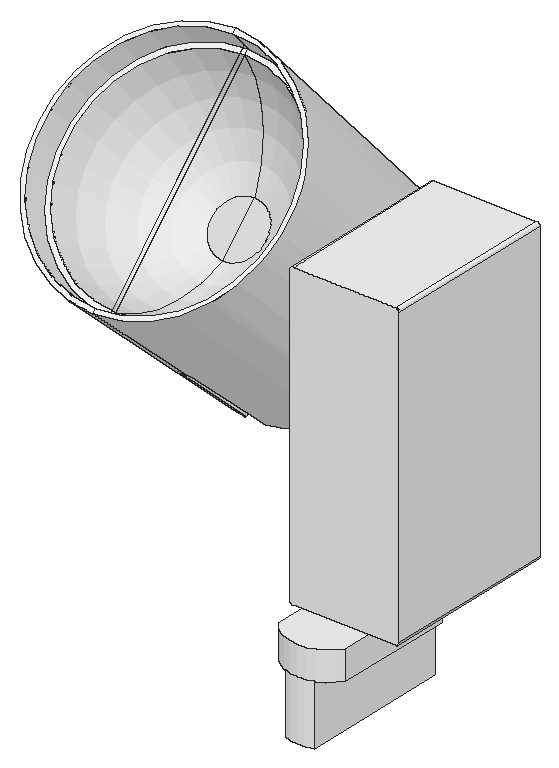
Revit family "0004822 Feilo Sylvania Lighting Fixture START TRACK SPOT L 55W 3K RA80 WB WHITE", category Lighting Fixtures, host Face, Revit 2017 (continued)
Definition of nested family "Start Track Spot Head"
  Types (96, lengths in mm): name | Wattage | built-in parameter 1150134 | Photometric Web File | Model | built-in parameter 1150105 | Lumens | built-in parameter 1150107 | built-in parameter 1150106 | HeadThickness_FEILO | HeadRibOffset_FEILO | HeadRibDepth_FEILO | HeadRibCutWidth_FEILO | HeadRibCutOffset_FEILO | HeadReflectorRadius_FEILO | HeadReflectorOffset_FEILO | HeadLEDRadius_FEILO | HeadHeight_FEILO | HeadDiffusorOffset_FEILO | HeadDiaOut_FEILO | HeadDiaIn_FEILO | HeadAxisFromTop_FEILO | Emit from Circle Diameter | built-in parameter 1150104 | Description | Apparent Load
    0004864 START TRACK SPOT S 24W 3K RA90 WB WHITE | 24 W | (empty or 0) | "0004864.ies" | "START TRACK SPOT S 24W 3K RA90 WB WHITE" | 152.79 (stored number, unit not read) | 1920 lm | 3000 (stored number, unit not read) | 1.5279 (stored number, unit not read) | 1.5 | 4.179 | 55.714 | 7.167 | 50.87 | 50.588 | 55.714 | 9.556 | 117 | 9.435 | 86 | 77.477 | 69.354 | 77.477 | 7.4322 (stored number, unit not read) | "Integrated LED spotlight, Textured White - RAL9016, compact and minimalist design, ideal for retail applications, die-cast aluminium body, passive cooling heatsink. Beam angle: 64°, color temperature: 3000K , total system power: 24W, total fixture output: 1928 lm, LOR: 100%, colour rendering: Ra: 90 typical, LED Chromaticity: 3 step MacAdam ellipse, lifetime: >50000 hours at L70B50, energy class: A++, A+, A, IR/UV free light source without heat radiation, operating voltage: 220-240V / 50-60Hz, drive current: 600mA, electronic driver, non-dimmable, power factor: 0.95, electrical protection: Class II, Global Track 3 Phase adapter suitable for Global trac 3-circuit tracks, ingress protection rating: IP20, suitable for internal environment only, horizontal rotation: 355°, vertical tilt: 90°, dimensions: Ø86x140x200, weight: 0.966kg." | 24 VA
    0004863 START TRACK SPOT S 24W 3K RA90 MB WHITE | 24 W | (empty or 0) | "0004863.ies" | "START TRACK SPOT S 24W 3K RA90 MB WHITE" | 154.7 (stored number, unit not read) | 1944 lm | 3000 (stored number, unit not read) | 1.547 (stored number, unit not read) | 1.5 | 4.179 | 55.714 | 7.167 | 50.87 | 50.588 | 55.714 | 9.556 | 117 | 9.435 | 86 | 77.477 | 69.354 | 77.477 | 7.5251 (stored number, unit not read) | "Integrated LED spotlight, Textured White - RAL9016, compact and minimalist design, ideal for retail applications, die-cast aluminium body, passive cooling heatsink. Beam angle: 36°, color temperature: 3000K , total system power: 24W, total fixture output: 1944 lm, LOR: 100%, colour rendering: Ra: 90 typical, LED Chromaticity: 3 step MacAdam ellipse, lifetime: >50000 hours at L70B50, energy class: A++, A+, A, IR/UV free light source without heat radiation, operating voltage: 220-240V / 50-60Hz, drive current: 600mA, electronic driver, non-dimmable, power factor: 0.95, electrical protection: Class II, Global Track 3 Phase adapter suitable for Global trac 3-circuit tracks, ingress protection rating: IP20, suitable for internal environment only, horizontal rotation: 355°, vertical tilt: 90°, dimensions: Ø86x140x200, weight: 0.966kg." | 24 VA
    0004862 START TRACK SPOT S 24W 3K RA90 NB WHITE | 24 W | (empty or 0) | "0004862.ies" | "START TRACK SPOT S 24W 3K RA90 NB WHITE" | 158.52 (stored number, unit not read) | 1992 lm | 3000 (stored number, unit not read) | 1.5852 (stored number, unit not read) | 1.5 | 4.179 | 55.714 | 7.167 | 50.87 | 50.588 | 55.714 | 9.556 | 117 | 9.435 | 86 | 77.477 | 69.354 | 77.477 | 7.711 (stored number, unit not read) | "Integrated LED spotlight, Textured White - RAL9016, compact and minimalist design, ideal for retail applications, die-cast aluminium body, passive cooling heatsink. Beam angle: 12°, color temperature: 3000K , total system power: 24W, total fixture output: 1987 lm, LOR: 100%, colour rendering: Ra: 90 typical, LED Chromaticity: 3 step MacAdam ellipse, lifetime: >50000 hours at L70B50, energy class: A++, A+, A, IR/UV free light source without heat radiation, operating voltage: 220-240V / 50-60Hz, drive current: 600mA, electronic driver, non-dimmable, power factor: 0.95, electrical protection: Class II, Global Track 3 Phase adapter suitable for Global trac 3-circuit tracks, ingress protection rating: IP20, suitable for internal environment only, horizontal rotation: 355°, vertical tilt: 90°, dimensions: Ø86x140x200, weight: 0.966kg." | 24 VA
    0004861 START TRACK SPOT S 14W 3K RA90 WB WHITE | 14 W | (empty or 0) | "0004861.ies" | "START TRACK SPOT S 14W 3K RA90 WB WHITE" | 100.27 (stored number, unit not read) | 1260 lm | 3000 (stored number, unit not read) | 1.0027 (stored number, unit not read) | 1.5 | 4.179 | 55.714 | 7.167 | 50.87 | 50.588 | 55.714 | 9.556 | 117 | 9.435 | 86 | 77.477 | 69.354 | 77.477 | 8.3613 (stored number, unit not read) | "Integrated LED spotlight, Textured White - RAL9016, compact and minimalist design, ideal for retail applications, die-cast aluminium body, passive cooling heatsink. Beam angle: 64°, color temperature: 3000K , total system power: 14W, total fixture output: 1262 lm, LOR: 100%, colour rendering: Ra: 90 typical, LED Chromaticity: 3 step MacAdam ellipse, lifetime: >50000 hours at L70B50, energy class: A++, A+, A, IR/UV free light source without heat radiation, operating voltage: 220-240V / 50-60Hz, drive current: 350mA, electronic driver, non-dimmable, power factor: 0.92, electrical protection: Class II, Global Track 3 Phase adapter suitable for Global trac 3-circuit tracks, ingress protection rating: IP20, suitable for internal environment only, horizontal rotation: 355°, vertical tilt: 90°, dimensions: Ø86x140x200, weight: 0.940kg." | 14 VA
    0004860 START TRACK SPOT S 14W 3K RA90 MB WHITE | 14 W | (empty or 0) | "0004860.ies" | "START TRACK SPOT S 14W 3K RA90 MB WHITE" | 100.27 (stored number, unit not read) | 1260 lm | 3000 (stored number, unit not read) | 1.0027 (stored number, unit not read) | 1.5 | 4.179 | 55.714 | 7.167 | 50.87 | 50.588 | 55.714 | 9.556 | 117 | 9.435 | 86 | 77.477 | 69.354 | 77.477 | 8.3613 (stored number, unit not read) | "Integrated LED spotlight, Textured White - RAL9016, compact and minimalist design, ideal for retail applications, die-cast aluminium body, passive cooling heatsink. Beam angle: 36°, color temperature: 3000K , total system power: 14W, total fixture output: 1262 lm, LOR: 100%, colour rendering: Ra: 90 typical, LED Chromaticity: 3 step MacAdam ellipse, lifetime: >50000 hours at L70B50, energy class: A++, A+, A, IR/UV free light source without heat radiation, operating voltage: 220-240V / 50-60Hz, drive current: 350mA, electronic driver, non-dimmable, power factor: 0.92, electrical protection: Class II, Global Track 3 Phase adapter suitable for Global trac 3-circuit tracks, ingress protection rating: IP20, suitable for internal environment only, horizontal rotation: 355°, vertical tilt: 90°, dimensions: Ø86x140x200, weight: 0.940kg." | 14 VA
    0004859 START TRACK SPOT S 14W 3K RA90 NB WHITE | 14 W | (empty or 0) | "0004859.ies" | "START TRACK SPOT S 14W 3K RA90 NB WHITE" | 102.5 (stored number, unit not read) | 1288 lm | 3000 (stored number, unit not read) | 1.025 (stored number, unit not read) | 1.5 | 4.179 | 55.714 | 7.167 | 50.87 | 50.588 | 55.714 | 9.556 | 117 | 9.435 | 86 | 77.477 | 69.354 | 77.477 | 8.5471 (stored number, unit not read) | "Integrated LED spotlight, Textured White - RAL9016, compact and minimalist design, ideal for retail applications, die-cast aluminium body, passive cooling heatsink. Beam angle: 12°, color temperature: 3000K , total system power: 14W, total fixture output: 1284 lm, LOR: 100%, colour rendering: Ra: 90 typical, LED Chromaticity: 3 step MacAdam ellipse, lifetime: >50000 hours at L70B50, energy class: A++, A+, A, IR/UV free light source without heat radiation, operating voltage: 220-240V / 50-60Hz, drive current: 350mA, electronic driver, non-dimmable, power factor: 0.92, electrical protection: Class II, Global Track 3 Phase adapter suitable for Global trac 3-circuit tracks, ingress protection rating: IP20, suitable for internal environment only, horizontal rotation: 355°, vertical tilt: 90°, dimensions: Ø86x140x200, weight: 0.940kg." | 14 VA
    0004858 START TRACK SPOT L 55W 4K RA80 WB BLACK | 55 W | 12 | "0004858.ies" | "START TRACK SPOT L 55W 4K RA80 WB BLACK" | 424.55 (stored number, unit not read) | 5335 lm | 4000 (stored number, unit not read) | 4.2455 (stored number, unit not read) | 2 | 4.429 | 59.048 | 9.417 | 53.913 | 66.471 | 59.048 | 12.556 | 124 | 10 | 113 | 101.802 | 73.503 | 101.802 | 9.0116 (stored number, unit not read) | "Integrated LED spotlight, Textured Black - RAL9005, compact and minimalist design, ideal for retail applications, die-cast aluminium body, passive cooling heatsink. Beam angle: 52°, color temperature: 4000K , total system power: 55W, total fixture output: 5320 lm, LOR: 100%, colour rendering: Ra: 80 typical, LED Chromaticity: 3 step MacAdam ellipse, lifetime: >50000 hours at L70B50, energy class: A++, A+, A, IR/UV free light source without heat radiation, operating voltage: 220-240V / 50-60Hz, drive current: 1400mA, electronic driver, non-dimmable, power factor: 0.96, electrical protection: Class II, Global Track 3 Phase adapter suitable for Global trac 3-circuit tracks, ingress protection rating: IP20, suitable for internal environment only, horizontal rotation: 355°, vertical tilt: 90°, dimensions: Ø113x164x240, weight: 1.398kg." | 55 VA
    0004857 START TRACK SPOT L 55W 4K RA80 MB BLACK | 55 W | 12 | "0004857.ies" | "START TRACK SPOT L 55W 4K RA80 MB BLACK" | 428.92 (stored number, unit not read) | 5390 lm | 4000 (stored number, unit not read) | 4.2892 (stored number, unit not read) | 2 | 4.429 | 59.048 | 9.417 | 53.913 | 66.471 | 59.048 | 12.556 | 124 | 10 | 113 | 101.802 | 73.503 | 101.802 | 9.1045 (stored number, unit not read) | "Integrated LED spotlight, Textured Black - RAL9005, compact and minimalist design, ideal for retail applications, die-cast aluminium body, passive cooling heatsink. Beam angle: 38°, color temperature: 4000K , total system power: 55W, total fixture output: 5378 lm, LOR: 100%, colour rendering: Ra: 80 typical, LED Chromaticity: 3 step MacAdam ellipse, lifetime: >50000 hours at L70B50, energy class: A++, A+, A, IR/UV free light source without heat radiation, operating voltage: 220-240V / 50-60Hz, drive current: 1400mA, electronic driver, non-dimmable, power factor: 0.96, electrical protection: Class II, Global Track 3 Phase adapter suitable for Global trac 3-circuit tracks, ingress protection rating: IP20, suitable for internal environment only, horizontal rotation: 355°, vertical tilt: 90°, dimensions: Ø113x164x240, weight: 1.398kg." | 55 VA
    0004856 START TRACK SPOT L 55W 4K RA80 NB BLACK | 55 W | 12 | "0004856.ies" | "START TRACK SPOT L 55W 4K RA80 NB BLACK" | 433.3 (stored number, unit not read) | 5445 lm | 4000 (stored number, unit not read) | 4.333 (stored number, unit not read) | 2 | 4.429 | 59.048 | 9.417 | 53.913 | 66.471 | 59.048 | 12.556 | 124 | 10 | 113 | 101.802 | 73.503 | 101.802 | 9.1974 (stored number, unit not read) | "Integrated LED spotlight, Textured Black - RAL9005, compact and minimalist design, ideal for retail applications, die-cast aluminium body, passive cooling heatsink. Beam angle: 15°, color temperature: 4000K , total system power: 55W, total fixture output: 5426 lm, LOR: 100%, colour rendering: Ra: 80 typical, LED Chromaticity: 3 step MacAdam ellipse, lifetime: >50000 hours at L70B50, energy class: A++, A+, A, IR/UV free light source without heat radiation, operating voltage: 220-240V / 50-60Hz, drive current: 1400mA, electronic driver, non-dimmable, power factor: 0.96, electrical protection: Class II, Global Track 3 Phase adapter suitable for Global trac 3-circuit tracks, ingress protection rating: IP20, suitable for internal environment only, horizontal rotation: 355°, vertical tilt: 90°, dimensions: Ø113x164x240, weight: 1.398kg." | 55 VA
    0004855 START TRACK SPOT L 35W 4K RA80 WB BLACK | 35 W | 12 | "0004855.ies" | "START TRACK SPOT L 35W 4K RA80 WB BLACK" | 320.3 (stored number, unit not read) | 4025 lm | 4000 (stored number, unit not read) | 3.203 (stored number, unit not read) | 2 | 4.429 | 59.048 | 9.417 | 53.913 | 66.471 | 59.048 | 12.556 | 124 | 10 | 113 | 101.802 | 73.503 | 101.802 | 10.684 (stored number, unit not read) | "Integrated LED spotlight, Textured Black - RAL9005, compact and minimalist design, ideal for retail applications, die-cast aluminium body, passive cooling heatsink. Beam angle: 52°, color temperature: 4000K , total system power: 35W, total fixture output: 4010 lm, LOR: 100%, colour rendering: Ra: 80 typical, LED Chromaticity: 3 step MacAdam ellipse, lifetime: >50000 hours at L70B50, energy class: A++, A+, A, IR/UV free light source without heat radiation, operating voltage: 220-240V / 50-60Hz, drive current: 900mA, electronic driver, non-dimmable, power factor: 0.93, electrical protection: Class II, Global Track 3 Phase adapter suitable for Global trac 3-circuit tracks, ingress protection rating: IP20, suitable for internal environment only, horizontal rotation: 355°, vertical tilt: 90°, dimensions: Ø113x164x240, weight: 1.368kg." | 35 VA
    0004854 START TRACK SPOT L 35W 4K RA80 MB BLACK | 35 W | 12 | "0004854.ies" | "START TRACK SPOT L 35W 4K RA80 MB BLACK" | 320.3 (stored number, unit not read) | 4025 lm | 4000 (stored number, unit not read) | 3.203 (stored number, unit not read) | 2 | 4.429 | 59.048 | 9.417 | 53.913 | 66.471 | 59.048 | 12.556 | 124 | 10 | 113 | 101.802 | 73.503 | 101.802 | 10.684 (stored number, unit not read) | "Integrated LED spotlight, Textured Black - RAL9005, compact and minimalist design, ideal for retail applications, die-cast aluminium body, passive cooling heatsink. Beam angle: 38°, color temperature: 4000K , total system power: 35W, total fixture output: 4017 lm, LOR: 100%, colour rendering: Ra: 80 typical, LED Chromaticity: 3 step MacAdam ellipse, lifetime: >50000 hours at L70B50, energy class: A++, A+, A, IR/UV free light source without heat radiation, operating voltage: 220-240V / 50-60Hz, drive current: 900mA, electronic driver, non-dimmable, power factor: 0.93, electrical protection: Class II, Global Track 3 Phase adapter suitable for Global trac 3-circuit tracks, ingress protection rating: IP20, suitable for internal environment only, horizontal rotation: 355°, vertical tilt: 90°, dimensions: Ø113x164x240, weight: 1.368kg." | 35 VA
    0004853 START TRACK SPOT L 35W 4K RA80 NB BLACK | 35 W | 12 | "0004853.ies" | "START TRACK SPOT L 35W 4K RA80 NB BLACK" | 331.44 (stored number, unit not read) | 4165 lm | 4000 (stored number, unit not read) | 3.3144 (stored number, unit not read) | 2 | 4.429 | 59.048 | 9.417 | 53.913 | 66.471 | 59.048 | 12.556 | 124 | 10 | 113 | 101.802 | 73.503 | 101.802 | 11.055 (stored number, unit not read) | "Integrated LED spotlight, Textured Black - RAL9005, compact and minimalist design, ideal for retail applications, die-cast aluminium body, passive cooling heatsink. Beam angle: 15°, color temperature: 4000K , total system power: 35W, total fixture output: 4174 lm, LOR: 100%, colour rendering: Ra: 80 typical, LED Chromaticity: 3 step MacAdam ellipse, lifetime: >50000 hours at L70B50, energy class: A++, A+, A, IR/UV free light source without heat radiation, operating voltage: 220-240V / 50-60Hz, drive current: 900mA, electronic driver, non-dimmable, power factor: 0.93, electrical protection: Class II, Global Track 3 Phase adapter suitable for Global trac 3-circuit tracks, ingress protection rating: IP20, suitable for internal environment only, horizontal rotation: 355°, vertical tilt: 90°, dimensions: Ø113x164x240, weight: 1.368kg." | 35 VA
    0004852 START TRACK SPOT S 24W 4K RA80 WB BLACK | 24 W | 12 | "0004852.ies" | "START TRACK SPOT S 24W 4K RA80 WB BLACK" | 196.72 (stored number, unit not read) | 2472 lm | 4000 (stored number, unit not read) | 1.9672 (stored number, unit not read) | 1.5 | 4.179 | 55.714 | 7.167 | 50.87 | 50.588 | 55.714 | 9.556 | 117 | 9.435 | 86 | 77.477 | 69.354 | 77.477 | 9.569 (stored number, unit not read) | "Integrated LED spotlight, Textured Black - RAL9005, compact and minimalist design, ideal for retail applications, die-cast aluminium body, passive cooling heatsink. Beam angle: 64°, color temperature: 4000K , total system power: 24W, total fixture output: 2476 lm, LOR: 100%, colour rendering: Ra: 80 typical, LED Chromaticity: 3 step MacAdam ellipse, lifetime: >50000 hours at L70B50, energy class: A++, A+, A, IR/UV free light source without heat radiation, operating voltage: 220-240V / 50-60Hz, drive current: 600mA, electronic driver, non-dimmable, power factor: 0.95, electrical protection: Class II, Global Track 3 Phase adapter suitable for Global trac 3-circuit tracks, ingress protection rating: IP20, suitable for internal environment only, horizontal rotation: 355°, vertical tilt: 90°, dimensions: Ø86x140x200, weight: 0.966kg." | 24 VA
    0004851 START TRACK SPOT S 24W 4K RA80 MB BLACK | 24 W | 12 | "0004851.ies" | "START TRACK SPOT S 24W 4K RA80 MB BLACK" | 198.63 (stored number, unit not read) | 2496 lm | 4000 (stored number, unit not read) | 1.9863 (stored number, unit not read) | 1.5 | 4.179 | 55.714 | 7.167 | 50.87 | 50.588 | 55.714 | 9.556 | 117 | 9.435 | 86 | 77.477 | 69.354 | 77.477 | 9.6619 (stored number, unit not read) | "Integrated LED spotlight, Textured Black - RAL9005, compact and minimalist design, ideal for retail applications, die-cast aluminium body, passive cooling heatsink. Beam angle: 36°, color temperature: 4000K , total system power: 24W, total fixture output: 2487 lm, LOR: 100%, colour rendering: Ra: 80 typical, LED Chromaticity: 3 step MacAdam ellipse, lifetime: >50000 hours at L70B50, energy class: A++, A+, A, IR/UV free light source without heat radiation, operating voltage: 220-240V / 50-60Hz, drive current: 600mA, electronic driver, non-dimmable, power factor: 0.95, electrical protection: Class II, Global Track 3 Phase adapter suitable for Global trac 3-circuit tracks, ingress protection rating: IP20, suitable for internal environment only, horizontal rotation: 355°, vertical tilt: 90°, dimensions: Ø86x140x200, weight: 0.966kg." | 24 VA
    0004850 START TRACK SPOT S 24W 4K RA80 NB BLACK | 24 W | 12 | "0004850.ies" | "START TRACK SPOT S 24W 4K RA80 NB BLACK" | 200.54 (stored number, unit not read) | 2520 lm | 4000 (stored number, unit not read) | 2.0054 (stored number, unit not read) | 1.5 | 4.179 | 55.714 | 7.167 | 50.87 | 50.588 | 55.714 | 9.556 | 117 | 9.435 | 86 | 77.477 | 69.354 | 77.477 | 9.7548 (stored number, unit not read) | "Integrated LED spotlight, Textured Black - RAL9005, compact and minimalist design, ideal for retail applications, die-cast aluminium body, passive cooling heatsink. Beam angle: 12°, color temperature: 4000K , total system power: 24W, total fixture output: 2529 lm, LOR: 100%, colour rendering: Ra: 80 typical, LED Chromaticity: 3 step MacAdam ellipse, lifetime: >50000 hours at L70B50, energy class: A++, A+, A, IR/UV free light source without heat radiation, operating voltage: 220-240V / 50-60Hz, drive current: 600mA, electronic driver, non-dimmable, power factor: 0.95, electrical protection: Class II, Global Track 3 Phase adapter suitable for Global trac 3-circuit tracks, ingress protection rating: IP20, suitable for internal environment only, horizontal rotation: 355°, vertical tilt: 90°, dimensions: Ø86x140x200, weight: 0.966kg." | 24 VA
    0004849 START TRACK SPOT S 14W 4K RA80 WB BLACK | 14 W | 12 | "0004849.ies" | "START TRACK SPOT S 14W 4K RA80 WB BLACK" | 123.66 (stored number, unit not read) | 1554 lm | 4000 (stored number, unit not read) | 1.2366 (stored number, unit not read) | 1.5 | 4.179 | 55.714 | 7.167 | 50.87 | 50.588 | 55.714 | 9.556 | 117 | 9.435 | 86 | 77.477 | 69.354 | 77.477 | 10.312 (stored number, unit not read) | "Integrated LED spotlight, Textured Black - RAL9005, compact and minimalist design, ideal for retail applications, die-cast aluminium body, passive cooling heatsink. Beam angle: 64°, color temperature: 4000K , total system power: 14W, total fixture output: 1558 lm, LOR: 100%, colour rendering: Ra: 80 typical, LED Chromaticity: 3 step MacAdam ellipse, lifetime: >50000 hours at L70B50, energy class: A++, A+, A, IR/UV free light source without heat radiation, operating voltage: 220-240V / 50-60Hz, drive current: 350mA, electronic driver, non-dimmable, power factor: 0.92, electrical protection: Class II, Global Track 3 Phase adapter suitable for Global trac 3-circuit tracks, ingress protection rating: IP20, suitable for internal environment only, horizontal rotation: 355°, vertical tilt: 90°, dimensions: Ø86x140x200, weight: 0.940kg." | 14 VA
    0004848 START TRACK SPOT S 14W 4K RA80 MB BLACK | 14 W | 12 | "0004848.ies" | "START TRACK SPOT S 14W 4K RA80 MB BLACK" | 127.01 (stored number, unit not read) | 1596 lm | 4000 (stored number, unit not read) | 1.2701 (stored number, unit not read) | 1.5 | 4.179 | 55.714 | 7.167 | 50.87 | 50.588 | 55.714 | 9.556 | 117 | 9.435 | 86 | 77.477 | 69.354 | 77.477 | 10.591 (stored number, unit not read) | "Integrated LED spotlight, Textured Black - RAL9005, compact and minimalist design, ideal for retail applications, die-cast aluminium body, passive cooling heatsink. Beam angle: 36°, color temperature: 4000K , total system power: 14W, total fixture output: 1598 lm, LOR: 100%, colour rendering: Ra: 80 typical, LED Chromaticity: 3 step MacAdam ellipse, lifetime: >50000 hours at L70B50, energy class: A++, A+, A, IR/UV free light source without heat radiation, operating voltage: 220-240V / 50-60Hz, drive current: 350mA, electronic driver, non-dimmable, power factor: 0.92, electrical protection: Class II, Global Track 3 Phase adapter suitable for Global trac 3-circuit tracks, ingress protection rating: IP20, suitable for internal environment only, horizontal rotation: 355°, vertical tilt: 90°, dimensions: Ø86x140x200, weight: 0.940kg." | 14 VA
    0004847 START TRACK SPOT S 14W 4K RA80 NB BLACK | 14 W | 12 | "0004847.ies" | "START TRACK SPOT S 14W 4K RA80 NB BLACK" | 128.12 (stored number, unit not read) | 1610 lm | 4000 (stored number, unit not read) | 1.2812 (stored number, unit not read) | 1.5 | 4.179 | 55.714 | 7.167 | 50.87 | 50.588 | 55.714 | 9.556 | 117 | 9.435 | 86 | 77.477 | 69.354 | 77.477 | 10.684 (stored number, unit not read) | "Integrated LED spotlight, Textured Black - RAL9005, compact and minimalist design, ideal for retail applications, die-cast aluminium body, passive cooling heatsink. Beam angle: 12°, color temperature: 4000K , total system power: 14W, total fixture output: 1608 lm, LOR: 100%, colour rendering: Ra: 80 typical, LED Chromaticity: 3 step MacAdam ellipse, lifetime: >50000 hours at L70B50, energy class: A++, A+, A, IR/UV free light source without heat radiation, operating voltage: 220-240V / 50-60Hz, drive current: 350mA, electronic driver, non-dimmable, power factor: 0.92, electrical protection: Class II, Global Track 3 Phase adapter suitable for Global trac 3-circuit tracks, ingress protection rating: IP20, suitable for internal environment only, horizontal rotation: 355°, vertical tilt: 90°, dimensions: Ø86x140x200, weight: 0.940kg." | 14 VA
    0004846 START TRACK SPOT L 55W 3K RA80 WB BLACK | 55 W | (empty or 0) | "0004846.ies" | "START TRACK SPOT L 55W 3K RA80 WB BLACK" | 420.17 (stored number, unit not read) | 5280 lm | 3000 (stored number, unit not read) | 4.2017 (stored number, unit not read) | 2 | 4.429 | 59.048 | 9.417 | 53.913 | 66.471 | 59.048 | 12.556 | 124 | 10 | 113 | 101.802 | 73.503 | 101.802 | 8.9187 (stored number, unit not read) | "Integrated LED spotlight, Textured Black - RAL9005, compact and minimalist design, ideal for retail applications, die-cast aluminium body, passive cooling heatsink. Beam angle: 52°, color temperature: 3000K , total system power: 55W, total fixture output: 5298 lm, LOR: 100%, colour rendering: Ra: 80 typical, LED Chromaticity: 3 step MacAdam ellipse, lifetime: >50000 hours at L70B50, energy class: A++, A+, A, IR/UV free light source without heat radiation, operating voltage: 220-240V / 50-60Hz, drive current: 1400mA, electronic driver, non-dimmable, power factor: 0.96, electrical protection: Class II, Global Track 3 Phase adapter suitable for Global trac 3-circuit tracks, ingress protection rating: IP20, suitable for internal environment only, horizontal rotation: 355°, vertical tilt: 90°, dimensions: Ø113x164x240, weight: 1.398kg." | 55 VA
    0004845 START TRACK SPOT L 55W 3K RA80 MB BLACK | 55 W | (empty or 0) | "0004845.ies" | "START TRACK SPOT L 55W 3K RA80 MB BLACK" | 428.92 (stored number, unit not read) | 5390 lm | 3000 (stored number, unit not read) | 4.2892 (stored number, unit not read) | 2 | 4.429 | 59.048 | 9.417 | 53.913 | 66.471 | 59.048 | 12.556 | 124 | 10 | 113 | 101.802 | 73.503 | 101.802 | 9.1045 (stored number, unit not read) | "Integrated LED spotlight, Textured Black - RAL9005, compact and minimalist design, ideal for retail applications, die-cast aluminium body, passive cooling heatsink. Beam angle: 38°, color temperature: 3000K , total system power: 55W, total fixture output: 5381 lm, LOR: 100%, colour rendering: Ra: 80 typical, LED Chromaticity: 3 step MacAdam ellipse, lifetime: >50000 hours at L70B50, energy class: A++, A+, A, IR/UV free light source without heat radiation, operating voltage: 220-240V / 50-60Hz, drive current: 1400mA, electronic driver, non-dimmable, power factor: 0.96, electrical protection: Class II, Global Track 3 Phase adapter suitable for Global trac 3-circuit tracks, ingress protection rating: IP20, suitable for internal environment only, horizontal rotation: 355°, vertical tilt: 90°, dimensions: Ø113x164x240, weight: 1.398kg." | 55 VA
    0004844 START TRACK SPOT L 55W 3K RA80 NB BLACK | 55 W | (empty or 0) | "0004844.ies" | "START TRACK SPOT L 55W 3K RA80 NB BLACK" | 433.3 (stored number, unit not read) | 5445 lm | 3000 (stored number, unit not read) | 4.333 (stored number, unit not read) | 2 | 4.429 | 59.048 | 9.417 | 53.913 | 66.471 | 59.048 | 12.556 | 124 | 10 | 113 | 101.802 | 73.503 | 101.802 | 9.1974 (stored number, unit not read) | "Integrated LED spotlight, Textured Black - RAL9005, compact and minimalist design, ideal for retail applications, die-cast aluminium body, passive cooling heatsink. Beam angle: 15°, color temperature: 3000K , total system power: 55W, total fixture output: 5449 lm, LOR: 100%, colour rendering: Ra: 80 typical, LED Chromaticity: 3 step MacAdam ellipse, lifetime: >50000 hours at L70B50, energy class: A++, A+, A, IR/UV free light source without heat radiation, operating voltage: 220-240V / 50-60Hz, drive current: 1400mA, electronic driver, non-dimmable, power factor: 0.96, electrical protection: Class II, Global Track 3 Phase adapter suitable for Global trac 3-circuit tracks, ingress protection rating: IP20, suitable for internal environment only, horizontal rotation: 355°, vertical tilt: 90°, dimensions: Ø113x164x240, weight: 1.398kg." | 55 VA
    0004843 START TRACK SPOT L 35W 3K RA80 WB BLACK | 35 W | (empty or 0) | "0004843.ies" | "START TRACK SPOT L 35W 3K RA80 WB BLACK" | 314.73 (stored number, unit not read) | 3955 lm | 3000 (stored number, unit not read) | 3.1473 (stored number, unit not read) | 2 | 4.429 | 59.048 | 9.417 | 53.913 | 66.471 | 59.048 | 12.556 | 124 | 10 | 113 | 101.802 | 73.503 | 101.802 | 10.498 (stored number, unit not read) | "Integrated LED spotlight, Textured Black - RAL9005, compact and minimalist design, ideal for retail applications, die-cast aluminium body, passive cooling heatsink. Beam angle: 52°, color temperature: 3000K , total system power: 35W, total fixture output: 3943 lm, LOR: 100%, colour rendering: Ra: 80 typical, LED Chromaticity: 3 step MacAdam ellipse, lifetime: >50000 hours at L70B50, energy class: A++, A+, A, IR/UV free light source without heat radiation, operating voltage: 220-240V / 50-60Hz, drive current: 900mA, electronic driver, non-dimmable, power factor: 0.93, electrical protection: Class II, Global Track 3 Phase adapter suitable for Global trac 3-circuit tracks, ingress protection rating: IP20, suitable for internal environment only, horizontal rotation: 355°, vertical tilt: 90°, dimensions: Ø113x164x240, weight: 1.368kg." | 35 VA
    0004842 START TRACK SPOT L 35W 3K RA80 MB BLACK | 35 W | (empty or 0) | "0004842.ies" | "START TRACK SPOT L 35W 3K RA80 MB BLACK" | 320.3 (stored number, unit not read) | 4025 lm | 3000 (stored number, unit not read) | 3.203 (stored number, unit not read) | 2 | 4.429 | 59.048 | 9.417 | 53.913 | 66.471 | 59.048 | 12.556 | 124 | 10 | 113 | 101.802 | 73.503 | 101.802 | 10.684 (stored number, unit not read) | "Integrated LED spotlight, Textured Black - RAL9005, compact and minimalist design, ideal for retail applications, die-cast aluminium body, passive cooling heatsink. Beam angle: 38°, color temperature: 3000K , total system power: 35W, total fixture output: 4008 lm, LOR: 100%, colour rendering: Ra: 80 typical, LED Chromaticity: 3 step MacAdam ellipse, lifetime: >50000 hours at L70B50, energy class: A++, A+, A, IR/UV free light source without heat radiation, operating voltage: 220-240V / 50-60Hz, drive current: 900mA, electronic driver, non-dimmable, power factor: 0.93, electrical protection: Class II, Global Track 3 Phase adapter suitable for Global trac 3-circuit tracks, ingress protection rating: IP20, suitable for internal environment only, horizontal rotation: 355°, vertical tilt: 90°, dimensions: Ø113x164x240, weight: 1.368kg." | 35 VA
    0004841 START TRACK SPOT L 35W 3K RA80 NB BLACK | 35 W | (empty or 0) | "0004841.ies" | "START TRACK SPOT L 35W 3K RA80 NB BLACK" | 317.51 (stored number, unit not read) | 3990 lm | 3000 (stored number, unit not read) | 3.1751 (stored number, unit not read) | 2 | 4.429 | 59.048 | 9.417 | 53.913 | 66.471 | 59.048 | 12.556 | 124 | 10 | 113 | 101.802 | 73.503 | 101.802 | 10.591 (stored number, unit not read) | "Integrated LED spotlight, Textured Black - RAL9005, compact and minimalist design, ideal for retail applications, die-cast aluminium body, passive cooling heatsink. Beam angle: 15°, color temperature: 3000K , total system power: 35W, total fixture output: 4005 lm, LOR: 100%, colour rendering: Ra: 80 typical, LED Chromaticity: 3 step MacAdam ellipse, lifetime: >50000 hours at L70B50, energy class: A++, A+, A, IR/UV free light source without heat radiation, operating voltage: 220-240V / 50-60Hz, drive current: 900mA, electronic driver, non-dimmable, power factor: 0.93, electrical protection: Class II, Global Track 3 Phase adapter suitable for Global trac 3-circuit tracks, ingress protection rating: IP20, suitable for internal environment only, horizontal rotation: 355°, vertical tilt: 90°, dimensions: Ø113x164x240, weight: 1.368kg." | 35 VA
    0004840 START TRACK SPOT S 24W 3K RA80 WB BLACK | 24 W | (empty or 0) | "0004840.ies" | "START TRACK SPOT S 24W 3K RA80 WB BLACK" | 185.26 (stored number, unit not read) | 2328 lm | 3000 (stored number, unit not read) | 1.8526 (stored number, unit not read) | 1.5 | 4.179 | 55.714 | 7.167 | 50.87 | 50.588 | 55.714 | 9.556 | 117 | 9.435 | 86 | 77.477 | 69.354 | 77.477 | 9.0116 (stored number, unit not read) | "Integrated LED spotlight, Textured Black - RAL9005, compact and minimalist design, ideal for retail applications, die-cast aluminium body, passive cooling heatsink. Beam angle: 64°, color temperature: 3000K , total system power: 24W, total fixture output: 2318 lm, LOR: 100%, colour rendering: Ra: 80 typical, LED Chromaticity: 3 step MacAdam ellipse, lifetime: >50000 hours at L70B50, energy class: A++, A+, A, IR/UV free light source without heat radiation, operating voltage: 220-240V / 50-60Hz, drive current: 600mA, electronic driver, non-dimmable, power factor: 0.95, electrical protection: Class II, Global Track 3 Phase adapter suitable for Global trac 3-circuit tracks, ingress protection rating: IP20, suitable for internal environment only, horizontal rotation: 355°, vertical tilt: 90°, dimensions: Ø86x140x200, weight: 0.966kg." | 24 VA
    0004839 START TRACK SPOT S 24W 3K RA80 MB BLACK | 24 W | (empty or 0) | "0004839.ies" | "START TRACK SPOT S 24W 3K RA80 MB BLACK" | 183.35 (stored number, unit not read) | 2304 lm | 3000 (stored number, unit not read) | 1.8335 (stored number, unit not read) | 1.5 | 4.179 | 55.714 | 7.167 | 50.87 | 50.588 | 55.714 | 9.556 | 117 | 9.435 | 86 | 77.477 | 69.354 | 77.477 | 8.9187 (stored number, unit not read) | "Integrated LED spotlight, Textured Black - RAL9005, compact and minimalist design, ideal for retail applications, die-cast aluminium body, passive cooling heatsink. Beam angle: 36°, color temperature: 3000K , total system power: 24W, total fixture output: 2314 lm, LOR: 100%, colour rendering: Ra: 80 typical, LED Chromaticity: 3 step MacAdam ellipse, lifetime: >50000 hours at L70B50, energy class: A++, A+, A, IR/UV free light source without heat radiation, operating voltage: 220-240V / 50-60Hz, drive current: 600mA, electronic driver, non-dimmable, power factor: 0.95, electrical protection: Class II, Global Track 3 Phase adapter suitable for Global trac 3-circuit tracks, ingress protection rating: IP20, suitable for internal environment only, horizontal rotation: 355°, vertical tilt: 90°, dimensions: Ø86x140x200, weight: 0.966kg." | 24 VA
    0004838 START TRACK SPOT S 24W 3K RA80 NB BLACK | 24 W | (empty or 0) | "0004838.ies" | "START TRACK SPOT S 24W 3K RA80 NB BLACK" | 185.26 (stored number, unit not read) | 2328 lm | 3000 (stored number, unit not read) | 1.8526 (stored number, unit not read) | 1.5 | 4.179 | 55.714 | 7.167 | 50.87 | 50.588 | 55.714 | 9.556 | 117 | 9.435 | 86 | 77.477 | 69.354 | 77.477 | 9.0116 (stored number, unit not read) | "Integrated LED spotlight, Textured Black - RAL9005, compact and minimalist design, ideal for retail applications, die-cast aluminium body, passive cooling heatsink. Beam angle: 12°, color temperature: 3000K , total system power: 24W, total fixture output: 2334 lm, LOR: 100%, colour rendering: Ra: 80 typical, LED Chromaticity: 3 step MacAdam ellipse, lifetime: >50000 hours at L70B50, energy class: A++, A+, A, IR/UV free light source without heat radiation, operating voltage: 220-240V / 50-60Hz, drive current: 600mA, electronic driver, non-dimmable, power factor: 0.95, electrical protection: Class II, Global Track 3 Phase adapter suitable for Global trac 3-circuit tracks, ingress protection rating: IP20, suitable for internal environment only, horizontal rotation: 355°, vertical tilt: 90°, dimensions: Ø86x140x200, weight: 0.966kg." | 24 VA
    0004837 START TRACK SPOT S 14W 3K RA80 WB BLACK | 14 W | (empty or 0) | "0004837.ies" | "START TRACK SPOT S 14W 3K RA80 WB BLACK" | 119.21 (stored number, unit not read) | 1498 lm | 3000 (stored number, unit not read) | 1.1921 (stored number, unit not read) | 1.5 | 4.179 | 55.714 | 7.167 | 50.87 | 50.588 | 55.714 | 9.556 | 117 | 9.435 | 86 | 77.477 | 69.354 | 77.477 | 9.9406 (stored number, unit not read) | "Integrated LED spotlight, Textured Black - RAL9005, compact and minimalist design, ideal for retail applications, die-cast aluminium body, passive cooling heatsink. Beam angle: 64°, color temperature: 3000K , total system power: 14W, total fixture output: 1498 lm, LOR: 100%, colour rendering: Ra: 80 typical, LED Chromaticity: 3 step MacAdam ellipse, lifetime: >50000 hours at L70B50, energy class: A++, A+, A, IR/UV free light source without heat radiation, operating voltage: 220-240V / 50-60Hz, drive current: 350mA, electronic driver, non-dimmable, power factor: 0.92, electrical protection: Class II, Global Track 3 Phase adapter suitable for Global trac 3-circuit tracks, ingress protection rating: IP20, suitable for internal environment only, horizontal rotation: 355°, vertical tilt: 90°, dimensions: Ø86x140x200, weight: 0.940kg." | 14 VA
    0004836 START TRACK SPOT S 14W 3K RA80 MB BLACK | 14 W | (empty or 0) | "0004836.ies" | "START TRACK SPOT S 14W 3K RA80 MB BLACK" | 120.32 (stored number, unit not read) | 1512 lm | 3000 (stored number, unit not read) | 1.2032 (stored number, unit not read) | 1.5 | 4.179 | 55.714 | 7.167 | 50.87 | 50.588 | 55.714 | 9.556 | 117 | 9.435 | 86 | 77.477 | 69.354 | 77.477 | 10.034 (stored number, unit not read) | "Integrated LED spotlight, Textured Black - RAL9005, compact and minimalist design, ideal for retail applications, die-cast aluminium body, passive cooling heatsink. Beam angle: 36°, color temperature: 3000K , total system power: 14W, total fixture output: 1508 lm, LOR: 100%, colour rendering: Ra: 80 typical, LED Chromaticity: 3 step MacAdam ellipse, lifetime: >50000 hours at L70B50, energy class: A++, A+, A, IR/UV free light source without heat radiation, operating voltage: 220-240V / 50-60Hz, drive current: 350mA, electronic driver, non-dimmable, power factor: 0.92, electrical protection: Class II, Global Track 3 Phase adapter suitable for Global trac 3-circuit tracks, ingress protection rating: IP20, suitable for internal environment only, horizontal rotation: 355°, vertical tilt: 90°, dimensions: Ø86x140x200, weight: 0.940kg." | 14 VA
    0004835 START TRACK SPOT S 14W 3K RA80 NB BLACK | 14 W | (empty or 0) | "0004835.ies" | "START TRACK SPOT S 14W 3K RA80 NB BLACK" | 123.66 (stored number, unit not read) | 1554 lm | 3000 (stored number, unit not read) | 1.2366 (stored number, unit not read) | 1.5 | 4.179 | 55.714 | 7.167 | 50.87 | 50.588 | 55.714 | 9.556 | 117 | 9.435 | 86 | 77.477 | 69.354 | 77.477 | 10.312 (stored number, unit not read) | "Integrated LED spotlight, Textured Black - RAL9005, compact and minimalist design, ideal for retail applications, die-cast aluminium body, passive cooling heatsink. Beam angle: 12°, color temperature: 3000K , total system power: 14W, total fixture output: 1551 lm, LOR: 100%, colour rendering: Ra: 80 typical, LED Chromaticity: 3 step MacAdam ellipse, lifetime: >50000 hours at L70B50, energy class: A++, A+, A, IR/UV free light source without heat radiation, operating voltage: 220-240V / 50-60Hz, drive current: 350mA, electronic driver, non-dimmable, power factor: 0.92, electrical protection: Class II, Global Track 3 Phase adapter suitable for Global trac 3-circuit tracks, ingress protection rating: IP20, suitable for internal environment only, horizontal rotation: 355°, vertical tilt: 90°, dimensions: Ø86x140x200, weight: 0.940kg." | 14 VA
    0004834 START TRACK SPOT L 55W 4K RA80 WB WHITE | 55 W | 12 | "0004834.ies" | "START TRACK SPOT L 55W 4K RA80 WB WHITE" | 424.55 (stored number, unit not read) | 5335 lm | 4000 (stored number, unit not read) | 4.2455 (stored number, unit not read) | 2 | 4.429 | 59.048 | 9.417 | 53.913 | 66.471 | 59.048 | 12.556 | 124 | 10 | 113 | 101.802 | 73.503 | 101.802 | 9.0116 (stored number, unit not read) | "Integrated LED spotlight, Textured White - RAL9016, compact and minimalist design, ideal for retail applications, die-cast aluminium body, passive cooling heatsink. Beam angle: 52°, color temperature: 4000K , total system power: 55W, total fixture output: 5320 lm, LOR: 100%, colour rendering: Ra: 80 typical, LED Chromaticity: 3 step MacAdam ellipse, lifetime: >50000 hours at L70B50, energy class: A++, A+, A, IR/UV free light source without heat radiation, operating voltage: 220-240V / 50-60Hz, drive current: 1400mA, electronic driver, non-dimmable, power factor: 0.96, electrical protection: Class II, Global Track 3 Phase adapter suitable for Global trac 3-circuit tracks, ingress protection rating: IP20, suitable for internal environment only, horizontal rotation: 355°, vertical tilt: 90°, dimensions: Ø113x164x240, weight: 1.398kg." | 55 VA
    0004833 START TRACK SPOT L 55W 4K RA80 MB WHITE | 55 W | 12 | "0004833.ies" | "START TRACK SPOT L 55W 4K RA80 MB WHITE" | 428.92 (stored number, unit not read) | 5390 lm | 4000 (stored number, unit not read) | 4.2892 (stored number, unit not read) | 2 | 4.429 | 59.048 | 9.417 | 53.913 | 66.471 | 59.048 | 12.556 | 124 | 10 | 113 | 101.802 | 73.503 | 101.802 | 9.1045 (stored number, unit not read) | "Integrated LED spotlight, Textured White - RAL9016, compact and minimalist design, ideal for retail applications, die-cast aluminium body, passive cooling heatsink. Beam angle: 38°, color temperature: 4000K , total system power: 55W, total fixture output: 5378 lm, LOR: 100%, colour rendering: Ra: 80 typical, LED Chromaticity: 3 step MacAdam ellipse, lifetime: >50000 hours at L70B50, energy class: A++, A+, A, IR/UV free light source without heat radiation, operating voltage: 220-240V / 50-60Hz, drive current: 1400mA, electronic driver, non-dimmable, power factor: 0.96, electrical protection: Class II, Global Track 3 Phase adapter suitable for Global trac 3-circuit tracks, ingress protection rating: IP20, suitable for internal environment only, horizontal rotation: 355°, vertical tilt: 90°, dimensions: Ø113x164x240, weight: 1.398kg." | 55 VA
    0004832 START TRACK SPOT L 55W 4K RA80 NB WHITE | 55 W | 12 | "0004832.ies" | "START TRACK SPOT L 55W 4K RA80 NB WHITE" | 433.3 (stored number, unit not read) | 5445 lm | 4000 (stored number, unit not read) | 4.333 (stored number, unit not read) | 2 | 4.429 | 59.048 | 9.417 | 53.913 | 66.471 | 59.048 | 12.556 | 124 | 10 | 113 | 101.802 | 73.503 | 101.802 | 9.1974 (stored number, unit not read) | "Integrated LED spotlight, Textured White - RAL9016, compact and minimalist design, ideal for retail applications, die-cast aluminium body, passive cooling heatsink. Beam angle: 15°, color temperature: 4000K , total system power: 55W, total fixture output: 5426 lm, LOR: 100%, colour rendering: Ra: 80 typical, LED Chromaticity: 3 step MacAdam ellipse, lifetime: >50000 hours at L70B50, energy class: A++, A+, A, IR/UV free light source without heat radiation, operating voltage: 220-240V / 50-60Hz, drive current: 1400mA, electronic driver, non-dimmable, power factor: 0.96, electrical protection: Class II, Global Track 3 Phase adapter suitable for Global trac 3-circuit tracks, ingress protection rating: IP20, suitable for internal environment only, horizontal rotation: 355°, vertical tilt: 90°, dimensions: Ø113x164x240, weight: 1.398kg." | 55 VA
    0004831 START TRACK SPOT L 35W 4K RA80 WB WHITE | 35 W | 12 | "0004831.ies" | "START TRACK SPOT L 35W 4K RA80 WB WHITE" | 320.3 (stored number, unit not read) | 4025 lm | 4000 (stored number, unit not read) | 3.203 (stored number, unit not read) | 2 | 4.429 | 59.048 | 9.417 | 53.913 | 66.471 | 59.048 | 12.556 | 124 | 10 | 113 | 101.802 | 73.503 | 101.802 | 10.684 (stored number, unit not read) | "Integrated LED spotlight, Textured White - RAL9016, compact and minimalist design, ideal for retail applications, die-cast aluminium body, passive cooling heatsink. Beam angle: 52°, color temperature: 4000K , total system power: 35W, total fixture output: 4010 lm, LOR: 100%, colour rendering: Ra: 80 typical, LED Chromaticity: 3 step MacAdam ellipse, lifetime: >50000 hours at L70B50, energy class: A++, A+, A, IR/UV free light source without heat radiation, operating voltage: 220-240V / 50-60Hz, drive current: 900mA, electronic driver, non-dimmable, power factor: 0.93, electrical protection: Class II, Global Track 3 Phase adapter suitable for Global trac 3-circuit tracks, ingress protection rating: IP20, suitable for internal environment only, horizontal rotation: 355°, vertical tilt: 90°, dimensions: Ø113x164x240, weight: 1.368kg." | 35 VA
    0004830 START TRACK SPOT L 35W 4K RA80 MB WHITE | 35 W | 12 | "0004830.ies" | "START TRACK SPOT L 35W 4K RA80 MB WHITE" | 320.3 (stored number, unit not read) | 4025 lm | 4000 (stored number, unit not read) | 3.203 (stored number, unit not read) | 2 | 4.429 | 59.048 | 9.417 | 53.913 | 66.471 | 59.048 | 12.556 | 124 | 10 | 113 | 101.802 | 73.503 | 101.802 | 10.684 (stored number, unit not read) | "Integrated LED spotlight, Textured White - RAL9016, compact and minimalist design, ideal for retail applications, die-cast aluminium body, passive cooling heatsink. Beam angle: 38°, color temperature: 4000K , total system power: 35W, total fixture output: 4017 lm, LOR: 100%, colour rendering: Ra: 80 typical, LED Chromaticity: 3 step MacAdam ellipse, lifetime: >50000 hours at L70B50, energy class: A++, A+, A, IR/UV free light source without heat radiation, operating voltage: 220-240V / 50-60Hz, drive current: 900mA, electronic driver, non-dimmable, power factor: 0.93, electrical protection: Class II, Global Track 3 Phase adapter suitable for Global trac 3-circuit tracks, ingress protection rating: IP20, suitable for internal environment only, horizontal rotation: 355°, vertical tilt: 90°, dimensions: Ø113x164x240, weight: 1.368kg." | 35 VA
    0004829 START TRACK SPOT L 35W 4K RA80 NB WHITE | 35 W | 12 | "0004829.ies" | "START TRACK SPOT L 35W 4K RA80 NB WHITE" | 331.44 (stored number, unit not read) | 4165 lm | 4000 (stored number, unit not read) | 3.3144 (stored number, unit not read) | 2 | 4.429 | 59.048 | 9.417 | 53.913 | 66.471 | 59.048 | 12.556 | 124 | 10 | 113 | 101.802 | 73.503 | 101.802 | 11.055 (stored number, unit not read) | "Integrated LED spotlight, Textured White - RAL9016, compact and minimalist design, ideal for retail applications, die-cast aluminium body, passive cooling heatsink. Beam angle: 15°, color temperature: 4000K , total system power: 35W, total fixture output: 4174 lm, LOR: 100%, colour rendering: Ra: 80 typical, LED Chromaticity: 3 step MacAdam ellipse, lifetime: >50000 hours at L70B50, energy class: A++, A+, A, IR/UV free light source without heat radiation, operating voltage: 220-240V / 50-60Hz, drive current: 900mA, electronic driver, non-dimmable, power factor: 0.93, electrical protection: Class II, Global Track 3 Phase adapter suitable for Global trac 3-circuit tracks, ingress protection rating: IP20, suitable for internal environment only, horizontal rotation: 355°, vertical tilt: 90°, dimensions: Ø113x164x240, weight: 1.368kg." | 35 VA
    0004828 START TRACK SPOT S 24W 4K RA80 WB WHITE | 24 W | 12 | "0004828.ies" | "START TRACK SPOT S 24W 4K RA80 WB WHITE" | 196.72 (stored number, unit not read) | 2472 lm | 4000 (stored number, unit not read) | 1.9672 (stored number, unit not read) | 1.5 | 4.179 | 55.714 | 7.167 | 50.87 | 50.588 | 55.714 | 9.556 | 117 | 9.435 | 86 | 77.477 | 69.354 | 77.477 | 9.569 (stored number, unit not read) | "Integrated LED spotlight, Textured White - RAL9016, compact and minimalist design, ideal for retail applications, die-cast aluminium body, passive cooling heatsink. Beam angle: 64°, color temperature: 4000K , total system power: 24W, total fixture output: 2476 lm, LOR: 100%, colour rendering: Ra: 80 typical, LED Chromaticity: 3 step MacAdam ellipse, lifetime: >50000 hours at L70B50, energy class: A++, A+, A, IR/UV free light source without heat radiation, operating voltage: 220-240V / 50-60Hz, drive current: 600mA, electronic driver, non-dimmable, power factor: 0.95, electrical protection: Class II, Global Track 3 Phase adapter suitable for Global trac 3-circuit tracks, ingress protection rating: IP20, suitable for internal environment only, horizontal rotation: 355°, vertical tilt: 90°, dimensions: Ø86x140x200, weight: 0.966kg." | 24 VA
    0004827 START TRACK SPOT S 24W 4K RA80 MB WHITE | 24 W | 12 | "0004827.ies" | "START TRACK SPOT S 24W 4K RA80 MB WHITE" | 198.63 (stored number, unit not read) | 2496 lm | 4000 (stored number, unit not read) | 1.9863 (stored number, unit not read) | 1.5 | 4.179 | 55.714 | 7.167 | 50.87 | 50.588 | 55.714 | 9.556 | 117 | 9.435 | 86 | 77.477 | 69.354 | 77.477 | 9.6619 (stored number, unit not read) | "Integrated LED spotlight, Textured White - RAL9016, compact and minimalist design, ideal for retail applications, die-cast aluminium body, passive cooling heatsink. Beam angle: 36°, color temperature: 4000K , total system power: 24W, total fixture output: 2487 lm, LOR: 100%, colour rendering: Ra: 80 typical, LED Chromaticity: 3 step MacAdam ellipse, lifetime: >50000 hours at L70B50, energy class: A++, A+, A, IR/UV free light source without heat radiation, operating voltage: 220-240V / 50-60Hz, drive current: 600mA, electronic driver, non-dimmable, power factor: 0.95, electrical protection: Class II, Global Track 3 Phase adapter suitable for Global trac 3-circuit tracks, ingress protection rating: IP20, suitable for internal environment only, horizontal rotation: 355°, vertical tilt: 90°, dimensions: Ø86x140x200, weight: 0.966kg." | 24 VA
    0004826 START TRACK SPOT S 24W 4K RA80 NB WHITE | 24 W | 12 | "0004826.ies" | "START TRACK SPOT S 24W 4K RA80 NB WHITE" | 200.54 (stored number, unit not read) | 2520 lm | 4000 (stored number, unit not read) | 2.0054 (stored number, unit not read) | 1.5 | 4.179 | 55.714 | 7.167 | 50.87 | 50.588 | 55.714 | 9.556 | 117 | 9.435 | 86 | 77.477 | 69.354 | 77.477 | 9.7548 (stored number, unit not read) | "Integrated LED spotlight, Textured White - RAL9016, compact and minimalist design, ideal for retail applications, die-cast aluminium body, passive cooling heatsink. Beam angle: 12°, color temperature: 4000K , total system power: 24W, total fixture output: 2529 lm, LOR: 100%, colour rendering: Ra: 80 typical, LED Chromaticity: 3 step MacAdam ellipse, lifetime: >50000 hours at L70B50, energy class: A++, A+, A, IR/UV free light source without heat radiation, operating voltage: 220-240V / 50-60Hz, drive current: 600mA, electronic driver, non-dimmable, power factor: 0.95, electrical protection: Class II, Global Track 3 Phase adapter suitable for Global trac 3-circuit tracks, ingress protection rating: IP20, suitable for internal environment only, horizontal rotation: 355°, vertical tilt: 90°, dimensions: Ø86x140x200, weight: 0.966kg." | 24 VA
    0004825 START TRACK SPOT S 14W 4K RA80 WB WHITE | 14 W | 12 | "0004825.ies" | "START TRACK SPOT S 14W 4K RA80 WB WHITE" | 123.66 (stored number, unit not read) | 1554 lm | 4000 (stored number, unit not read) | 1.2366 (stored number, unit not read) | 1.5 | 4.179 | 55.714 | 7.167 | 50.87 | 50.588 | 55.714 | 9.556 | 117 | 9.435 | 86 | 77.477 | 69.354 | 77.477 | 10.312 (stored number, unit not read) | "Integrated LED spotlight, Textured White - RAL9016, compact and minimalist design, ideal for retail applications, die-cast aluminium body, passive cooling heatsink. Beam angle: 64°, color temperature: 4000K , total system power: 14W, total fixture output: 1558 lm, LOR: 100%, colour rendering: Ra: 80 typical, LED Chromaticity: 3 step MacAdam ellipse, lifetime: >50000 hours at L70B50, energy class: A++, A+, A, IR/UV free light source without heat radiation, operating voltage: 220-240V / 50-60Hz, drive current: 350mA, electronic driver, non-dimmable, power factor: 0.92, electrical protection: Class II, Global Track 3 Phase adapter suitable for Global trac 3-circuit tracks, ingress protection rating: IP20, suitable for internal environment only, horizontal rotation: 355°, vertical tilt: 90°, dimensions: Ø86x140x200, weight: 0.940kg." | 14 VA
    0004824 START TRACK SPOT S 14W 4K RA80 MB WHITE | 14 W | 12 | "0004824.ies" | "START TRACK SPOT S 14W 4K RA80 MB WHITE" | 127.01 (stored number, unit not read) | 1596 lm | 4000 (stored number, unit not read) | 1.2701 (stored number, unit not read) | 1.5 | 4.179 | 55.714 | 7.167 | 50.87 | 50.588 | 55.714 | 9.556 | 117 | 9.435 | 86 | 77.477 | 69.354 | 77.477 | 10.591 (stored number, unit not read) | "Integrated LED spotlight, Textured White - RAL9016, compact and minimalist design, ideal for retail applications, die-cast aluminium body, passive cooling heatsink. Beam angle: 36°, color temperature: 4000K , total system power: 14W, total fixture output: 1598 lm, LOR: 100%, colour rendering: Ra: 80 typical, LED Chromaticity: 3 step MacAdam ellipse, lifetime: >50000 hours at L70B50, energy class: A++, A+, A, IR/UV free light source without heat radiation, operating voltage: 220-240V / 50-60Hz, drive current: 350mA, electronic driver, non-dimmable, power factor: 0.92, electrical protection: Class II, Global Track 3 Phase adapter suitable for Global trac 3-circuit tracks, ingress protection rating: IP20, suitable for internal environment only, horizontal rotation: 355°, vertical tilt: 90°, dimensions: Ø86x140x200, weight: 0.940kg." | 14 VA
    0004823 START TRACK SPOT S 14W 4K RA80 NB WHITE | 14 W | 12 | "0004823.ies" | "START TRACK SPOT S 14W 4K RA80 NB WHITE" | 128.12 (stored number, unit not read) | 1610 lm | 4000 (stored number, unit not read) | 1.2812 (stored number, unit not read) | 1.5 | 4.179 | 55.714 | 7.167 | 50.87 | 50.588 | 55.714 | 9.556 | 117 | 9.435 | 86 | 77.477 | 69.354 | 77.477 | 10.684 (stored number, unit not read) | "Integrated LED spotlight, Textured White - RAL9016, compact and minimalist design, ideal for retail applications, die-cast aluminium body, passive cooling heatsink. Beam angle: 12°, color temperature: 4000K , total system power: 14W, total fixture output: 1608 lm, LOR: 100%, colour rendering: Ra: 80 typical, LED Chromaticity: 3 step MacAdam ellipse, lifetime: >50000 hours at L70B50, energy class: A++, A+, A, IR/UV free light source without heat radiation, operating voltage: 220-240V / 50-60Hz, drive current: 350mA, electronic driver, non-dimmable, power factor: 0.92, electrical protection: Class II, Global Track 3 Phase adapter suitable for Global trac 3-circuit tracks, ingress protection rating: IP20, suitable for internal environment only, horizontal rotation: 355°, vertical tilt: 90°, dimensions: Ø86x140x200, weight: 0.940kg." | 14 VA
    0004822 START TRACK SPOT L 55W 3K RA80 WB WHITE | 55 W | (empty or 0) | "0004822.ies" | "START TRACK SPOT L 55W 3K RA80 WB WHITE" | 420.17 (stored number, unit not read) | 5280 lm | 3000 (stored number, unit not read) | 4.2017 (stored number, unit not read) | 2 | 4.429 | 59.048 | 9.417 | 53.913 | 66.471 | 59.048 | 12.556 | 124 | 10 | 113 | 101.802 | 73.503 | 101.802 | 8.9187 (stored number, unit not read) | "Integrated LED spotlight, Textured White - RAL9016, compact and minimalist design, ideal for retail applications, die-cast aluminium body, passive cooling heatsink. Beam angle: 52°, color temperature: 3000K , total system power: 55W, total fixture output: 5298 lm, LOR: 100%, colour rendering: Ra: 80 typical, LED Chromaticity: 3 step MacAdam ellipse, lifetime: >50000 hours at L70B50, energy class: A++, A+, A, IR/UV free light source without heat radiation, operating voltage: 220-240V / 50-60Hz, drive current: 1400mA, electronic driver, non-dimmable, power factor: 0.96, electrical protection: Class II, Global Track 3 Phase adapter suitable for Global trac 3-circuit tracks, ingress protection rating: IP20, suitable for internal environment only, horizontal rotation: 355°, vertical tilt: 90°, dimensions: Ø113x164x240, weight: 1.398kg." | 55 VA
    0004821 START TRACK SPOT L 55W 3K RA80 MB WHITE | 55 W | (empty or 0) | "0004821.ies" | "START TRACK SPOT L 55W 3K RA80 MB WHITE" | 428.92 (stored number, unit not read) | 5390 lm | 3000 (stored number, unit not read) | 4.2892 (stored number, unit not read) | 2 | 4.429 | 59.048 | 9.417 | 53.913 | 66.471 | 59.048 | 12.556 | 124 | 10 | 113 | 101.802 | 73.503 | 101.802 | 9.1045 (stored number, unit not read) | "Integrated LED spotlight, Textured White - RAL9016, compact and minimalist design, ideal for retail applications, die-cast aluminium body, passive cooling heatsink. Beam angle: 38°, color temperature: 3000K , total system power: 55W, total fixture output: 5381 lm, LOR: 100%, colour rendering: Ra: 80 typical, LED Chromaticity: 3 step MacAdam ellipse, lifetime: >50000 hours at L70B50, energy class: A++, A+, A, IR/UV free light source without heat radiation, operating voltage: 220-240V / 50-60Hz, drive current: 1400mA, electronic driver, non-dimmable, power factor: 0.96, electrical protection: Class II, Global Track 3 Phase adapter suitable for Global trac 3-circuit tracks, ingress protection rating: IP20, suitable for internal environment only, horizontal rotation: 355°, vertical tilt: 90°, dimensions: Ø113x164x240, weight: 1.398kg." | 55 VA
    0004820 START TRACK SPOT L 55W 3K RA80 NB WHITE | 55 W | (empty or 0) | "0004820.ies" | "START TRACK SPOT L 55W 3K RA80 NB WHITE" | 433.3 (stored number, unit not read) | 5445 lm | 3000 (stored number, unit not read) | 4.333 (stored number, unit not read) | 2 | 4.429 | 59.048 | 9.417 | 53.913 | 66.471 | 59.048 | 12.556 | 124 | 10 | 113 | 101.802 | 73.503 | 101.802 | 9.1974 (stored number, unit not read) | "Integrated LED spotlight, Textured White - RAL9016, compact and minimalist design, ideal for retail applications, die-cast aluminium body, passive cooling heatsink. Beam angle: 15°, color temperature: 3000K , total system power: 55W, total fixture output: 5449 lm, LOR: 100%, colour rendering: Ra: 80 typical, LED Chromaticity: 3 step MacAdam ellipse, lifetime: >50000 hours at L70B50, energy class: A++, A+, A, IR/UV free light source without heat radiation, operating voltage: 220-240V / 50-60Hz, drive current: 1400mA, electronic driver, non-dimmable, power factor: 0.96, electrical protection: Class II, Global Track 3 Phase adapter suitable for Global trac 3-circuit tracks, ingress protection rating: IP20, suitable for internal environment only, horizontal rotation: 355°, vertical tilt: 90°, dimensions: Ø113x164x240, weight: 1.398kg." | 55 VA
    0004819 START TRACK SPOT L 35W 3K RA80 WB WHITE | 35 W | (empty or 0) | "0004819.ies" | "START TRACK SPOT L 35W 3K RA80 WB WHITE" | 314.73 (stored number, unit not read) | 3955 lm | 3000 (stored number, unit not read) | 3.1473 (stored number, unit not read) | 2 | 4.429 | 59.048 | 9.417 | 53.913 | 66.471 | 59.048 | 12.556 | 124 | 10 | 113 | 101.802 | 73.503 | 101.802 | 10.498 (stored number, unit not read) | "Integrated LED spotlight, Textured White - RAL9016, compact and minimalist design, ideal for retail applications, die-cast aluminium body, passive cooling heatsink. Beam angle: 52°, color temperature: 3000K , total system power: 35W, total fixture output: 3943 lm, LOR: 100%, colour rendering: Ra: 80 typical, LED Chromaticity: 3 step MacAdam ellipse, lifetime: >50000 hours at L70B50, energy class: A++, A+, A, IR/UV free light source without heat radiation, operating voltage: 220-240V / 50-60Hz, drive current: 900mA, electronic driver, non-dimmable, power factor: 0.93, electrical protection: Class II, Global Track 3 Phase adapter suitable for Global trac 3-circuit tracks, ingress protection rating: IP20, suitable for internal environment only, horizontal rotation: 355°, vertical tilt: 90°, dimensions: Ø113x164x240, weight: 1.368kg." | 35 VA
    0004818 START TRACK SPOT L 35W 3K RA80 MB WHITE | 35 W | (empty or 0) | "0004818.ies" | "START TRACK SPOT L 35W 3K RA80 MB WHITE" | 320.3 (stored number, unit not read) | 4025 lm | 3000 (stored number, unit not read) | 3.203 (stored number, unit not read) | 2 | 4.429 | 59.048 | 9.417 | 53.913 | 66.471 | 59.048 | 12.556 | 124 | 10 | 113 | 101.802 | 73.503 | 101.802 | 10.684 (stored number, unit not read) | "Integrated LED spotlight, Textured White - RAL9016, compact and minimalist design, ideal for retail applications, die-cast aluminium body, passive cooling heatsink. Beam angle: 38°, color temperature: 3000K , total system power: 35W, total fixture output: 4008 lm, LOR: 100%, colour rendering: Ra: 80 typical, LED Chromaticity: 3 step MacAdam ellipse, lifetime: >50000 hours at L70B50, energy class: A++, A+, A, IR/UV free light source without heat radiation, operating voltage: 220-240V / 50-60Hz, drive current: 900mA, electronic driver, non-dimmable, power factor: 0.93, electrical protection: Class II, Global Track 3 Phase adapter suitable for Global trac 3-circuit tracks, ingress protection rating: IP20, suitable for internal environment only, horizontal rotation: 355°, vertical tilt: 90°, dimensions: Ø113x164x240, weight: 1.368kg." | 35 VA
    0004817 START TRACK SPOT L 35W 3K RA80 NB WHITE | 35 W | (empty or 0) | "0004817.ies" | "START TRACK SPOT L 35W 3K RA80 NB WHITE" | 317.51 (stored number, unit not read) | 3990 lm | 3000 (stored number, unit not read) | 3.1751 (stored number, unit not read) | 2 | 4.429 | 59.048 | 9.417 | 53.913 | 66.471 | 59.048 | 12.556 | 124 | 10 | 113 | 101.802 | 73.503 | 101.802 | 10.591 (stored number, unit not read) | "Integrated LED spotlight, Textured White - RAL9016, compact and minimalist design, ideal for retail applications, die-cast aluminium body, passive cooling heatsink. Beam angle: 15°, color temperature: 3000K , total system power: 35W, total fixture output: 4005 lm, LOR: 100%, colour rendering: Ra: 80 typical, LED Chromaticity: 3 step MacAdam ellipse, lifetime: >50000 hours at L70B50, energy class: A++, A+, A, IR/UV free light source without heat radiation, operating voltage: 220-240V / 50-60Hz, drive current: 900mA, electronic driver, non-dimmable, power factor: 0.93, electrical protection: Class II, Global Track 3 Phase adapter suitable for Global trac 3-circuit tracks, ingress protection rating: IP20, suitable for internal environment only, horizontal rotation: 355°, vertical tilt: 90°, dimensions: Ø113x164x240, weight: 1.368kg." | 35 VA
    0004816 START TRACK SPOT S 24W 3K RA80 WB WHITE | 24 W | (empty or 0) | "0004816.ies" | "START TRACK SPOT S 24W 3K RA80 WB WHITE" | 185.26 (stored number, unit not read) | 2328 lm | 3000 (stored number, unit not read) | 1.8526 (stored number, unit not read) | 1.5 | 4.179 | 55.714 | 7.167 | 50.87 | 50.588 | 55.714 | 9.556 | 117 | 9.435 | 86 | 77.477 | 69.354 | 77.477 | 9.0116 (stored number, unit not read) | "Integrated LED spotlight, Textured White - RAL9016, compact and minimalist design, ideal for retail applications, die-cast aluminium body, passive cooling heatsink. Beam angle: 64°, color temperature: 3000K , total system power: 24W, total fixture output: 2318 lm, LOR: 100%, colour rendering: Ra: 80 typical, LED Chromaticity: 3 step MacAdam ellipse, lifetime: >50000 hours at L70B50, energy class: A++, A+, A, IR/UV free light source without heat radiation, operating voltage: 220-240V / 50-60Hz, drive current: 600mA, electronic driver, non-dimmable, power factor: 0.95, electrical protection: Class II, Global Track 3 Phase adapter suitable for Global trac 3-circuit tracks, ingress protection rating: IP20, suitable for internal environment only, horizontal rotation: 355°, vertical tilt: 90°, dimensions: Ø86x140x200, weight: 0.966kg." | 24 VA
    0004815 START TRACK SPOT S 24W 3K RA80 MB WHITE | 24 W | (empty or 0) | "0004815.ies" | "START TRACK SPOT S 24W 3K RA80 MB WHITE" | 183.35 (stored number, unit not read) | 2304 lm | 3000 (stored number, unit not read) | 1.8335 (stored number, unit not read) | 1.5 | 4.179 | 55.714 | 7.167 | 50.87 | 50.588 | 55.714 | 9.556 | 117 | 9.435 | 86 | 77.477 | 69.354 | 77.477 | 8.9187 (stored number, unit not read) | "Integrated LED spotlight, Textured White - RAL9016, compact and minimalist design, ideal for retail applications, die-cast aluminium body, passive cooling heatsink. Beam angle: 36°, color temperature: 3000K , total system power: 24W, total fixture output: 2314 lm, LOR: 100%, colour rendering: Ra: 80 typical, LED Chromaticity: 3 step MacAdam ellipse, lifetime: >50000 hours at L70B50, energy class: A++, A+, A, IR/UV free light source without heat radiation, operating voltage: 220-240V / 50-60Hz, drive current: 600mA, electronic driver, non-dimmable, power factor: 0.95, electrical protection: Class II, Global Track 3 Phase adapter suitable for Global trac 3-circuit tracks, ingress protection rating: IP20, suitable for internal environment only, horizontal rotation: 355°, vertical tilt: 90°, dimensions: Ø86x140x200, weight: 0.966kg." | 24 VA
    0004814 START TRACK SPOT S 24W 3K RA80 NB WHITE | 24 W | (empty or 0) | "0004814.ies" | "START TRACK SPOT S 24W 3K RA80 NB WHITE" | 185.26 (stored number, unit not read) | 2328 lm | 3000 (stored number, unit not read) | 1.8526 (stored number, unit not read) | 1.5 | 4.179 | 55.714 | 7.167 | 50.87 | 50.588 | 55.714 | 9.556 | 117 | 9.435 | 86 | 77.477 | 69.354 | 77.477 | 9.0116 (stored number, unit not read) | "Integrated LED spotlight, Textured White - RAL9016, compact and minimalist design, ideal for retail applications, die-cast aluminium body, passive cooling heatsink. Beam angle: 12°, color temperature: 3000K , total system power: 24W, total fixture output: 2334 lm, LOR: 100%, colour rendering: Ra: 80 typical, LED Chromaticity: 3 step MacAdam ellipse, lifetime: >50000 hours at L70B50, energy class: A++, A+, A, IR/UV free light source without heat radiation, operating voltage: 220-240V / 50-60Hz, drive current: 600mA, electronic driver, non-dimmable, power factor: 0.95, electrical protection: Class II, Global Track 3 Phase adapter suitable for Global trac 3-circuit tracks, ingress protection rating: IP20, suitable for internal environment only, horizontal rotation: 355°, vertical tilt: 90°, dimensions: Ø86x140x200, weight: 0.966kg." | 24 VA
    0004813 START TRACK SPOT S 14W 3K RA80 WB WHITE | 14 W | (empty or 0) | "0004813.ies" | "START TRACK SPOT S 14W 3K RA80 WB WHITE" | 119.21 (stored number, unit not read) | 1498 lm | 3000 (stored number, unit not read) | 1.1921 (stored number, unit not read) | 1.5 | 4.179 | 55.714 | 7.167 | 50.87 | 50.588 | 55.714 | 9.556 | 117 | 9.435 | 86 | 77.477 | 69.354 | 77.477 | 9.9406 (stored number, unit not read) | "Integrated LED spotlight, Textured White - RAL9016, compact and minimalist design, ideal for retail applications, die-cast aluminium body, passive cooling heatsink. Beam angle: 64°, color temperature: 3000K , total system power: 14W, total fixture output: 1498 lm, LOR: 100%, colour rendering: Ra: 80 typical, LED Chromaticity: 3 step MacAdam ellipse, lifetime: >50000 hours at L70B50, energy class: A++, A+, A, IR/UV free light source without heat radiation, operating voltage: 220-240V / 50-60Hz, drive current: 350mA, electronic driver, non-dimmable, power factor: 0.92, electrical protection: Class II, Global Track 3 Phase adapter suitable for Global trac 3-circuit tracks, ingress protection rating: IP20, suitable for internal environment only, horizontal rotation: 355°, vertical tilt: 90°, dimensions: Ø86x140x200, weight: 0.940kg." | 14 VA
